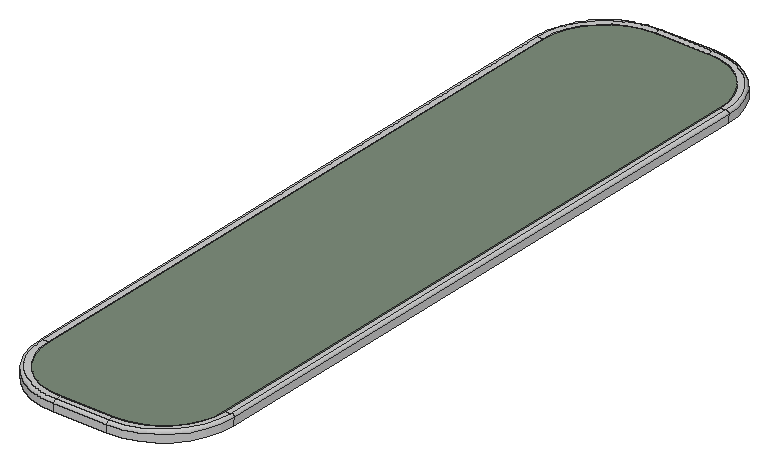
Revit family "71d714d6f0a9448abc0200e2c283adac", category Site, Revit 2021
Family settings
  Round Connector Dimension = Use Diameter
  Part Type = Normal
  Seek Item ID = Parking Island 1-0000-USA-ENU
  Work Plane-Based = No
  Always vertical = No
  Cut with Voids When Loaded = No
  Shared = No
Parameters (values of type "42' x 10'")
  Length = 42' - 0"
  Width = 10' - 0"
Reference planes (in)
  plane 1 "Center (Front/Back)": y = -36
  plane 2: z = 0
  plane 3 "Center (Left/Right)": x = 0
  plane 4: y = 216
  plane 5: y = -288
  plane 6: x = -126
  plane 7: x = -6
  plane 8: x = -132
  plane 9: y = -294
  plane 10: y = 222
  plane 11: x = -66
  plane 12: x = -84
  plane 13: x = -48
Forms (in)
  Sweep 1, solid, material "Concrete, Cast-in-Place gray"
    path origin (0, 0, 0) x (1, 0, 0) y (0, 1, 0)
      loop
        arc (0, 174) -> (-14.05887, 207.94113) -> (-48, 222) r 48
        line (-48, 222) -> (-84, 222)
        arc (-84, 222) -> (-117.94113, 207.94113) -> (-132, 174) r 48
        line (-132, 174) -> (-132, -246)
        arc (-132, -246) -> (-117.94113, -279.94113) -> (-84, -294) r 48
        line (-84, -294) -> (-48, -294)
        arc (-48, -294) -> (-14.05887, -279.94113) -> (0, -246) r 48
        line (0, -246) -> (0, 174)
    profile origin (0, -36, 0) x (1, 0, 0) y (0, 0, 1)
      loop
        line (0, 0) -> (0, 5)
        arc (0, 5) -> (-0.58579, 6.41421) -> (-2, 7) r 2
        line (-2, 7) -> (-6, 7) -> (-6, 0) -> (0, 0)
  Extrusion 2, solid, material "Grass"
    sketch origin (0, 0, 0) x (1, 0, 0) y (0, 1, 0)
      loop
        arc (-126, -246) -> (-113.69848, -275.69848) -> (-84, -288) r 42
        line (-84, -288) -> (-48, -288)
        arc (-48, -288) -> (-18.30152, -275.69848) -> (-6, -246) r 42
        line (-6, -246) -> (-6, 174)
        arc (-6, 174) -> (-18.30152, 203.69848) -> (-48, 216) r 42
        line (-48, 216) -> (-84, 216)
        arc (-84, 216) -> (-113.69848, 203.69848) -> (-126, 174) r 42
        line (-126, 174) -> (-126, -246)
    from 0 to 7
Lines and regions (in)
  symbolic lines, style "Parking Island"
    curve 1: arc (-84, 216, 0) -> (-113.69848, 203.69848, 0) -> (-126, 174, 0) r 42
    curve 2: arc (-6, 174, 0) -> (-18.30152, 203.69848, 0) -> (-48, 216, 0) r 42
    curve 3: line (-48, 216, 0) -> (-84, 216, 0)
    curve 4: line (-6, -246, 0) -> (-6, 174, 0)
    curve 5: line (-126, 174, 0) -> (-126, -246, 0)
    curve 6: line (-84, -288, 0) -> (-48, -288, 0)
    curve 7: arc (-6, -246, 0) -> (-18.30152, -275.69848, 0) -> (-48, -288, 0) r 42
    curve 8: arc (-126, -246, 0) -> (-113.69848, -275.69848, 0) -> (-84, -288, 0) r 42
    curve 9: line (-132, -246, 0) -> (-132, 174, 0)
    curve 10: arc (-132, 174, 0) -> (-117.94113, 207.94113, 0) -> (-84, 222, 0) r 48
    curve 11: line (-84, 222, 0) -> (-48, 222, 0)
    curve 12: arc (-48, 222, 0) -> (-14.05887, 207.94113, 0) -> (0, 174, 0) r 48
    curve 13: line (0, -246, 0) -> (0, 174, 0)
    curve 14: arc (0, -246, 0) -> (-14.05887, -279.94113, 0) -> (-48, -294, 0) r 48
    curve 15: arc (-84, -294, 0) -> (-117.94113, -279.94113, 0) -> (-132, -246, 0) r 48
    curve 16: line (-48, -294, 0) -> (-84, -294, 0)
Dimensions and locks (in)
  "Length": plane 5 to plane 4
  "Width": plane 6 to plane 7
  locked: plane 7 to plane 3 "Center (Left/Right)" at 6
  locked: plane 4 to plane 10 at 6
  locked: plane 8 to plane 6 at 6
  locked: plane 9 to plane 5 at 6
  equal spacing: plane 6, plane 11, plane 7
  equal spacing: plane 5, plane 1 "Center (Front/Back)", plane 4
  locked: plane 6 to plane 12 at 42
  locked: plane 13 to plane 7 at 42
  aligned and locked: plane 9 to Sweep 1 sketch curve
  aligned and locked: plane 10 to Sweep 1 sketch curve
  aligned and locked: Sweep 1 sketch curve to plane 3 "Center (Left/Right)"
  aligned and locked: Sweep 1 sketch curve to plane 8
  aligned and locked: curve 1 to Extrusion 2
  aligned and locked: curve 2 to Extrusion 2
  aligned and locked: curve 10 to Sweep 1
  aligned and locked: curve 14 to Sweep 1
Automatic sketch dimensions
  Sweep 1 sketch curve to level = 0' - 0"
  Sweep 1 sketch curve to profile plane = 0' - 0"
  profile plane to Sweep 1 sketch curve = 0' - 2"
  Sweep 1 sketch curve to Sweep 1 sketch curve = 0' - 4"
  level to Sweep 1 sketch curve = 0' - 5"
  Extrusion 2 sketch curve to plane 12 = 0' - 0"  (x2)
  Extrusion 2 sketch curve to plane 13 = 0' - 0"  (x2)
  Sweep 1 sketch curve to plane 12 = 0' - 0"  (x2)
  Sweep 1 sketch curve to plane 13 = 0' - 0"  (x2)
  Extrusion 2 sketch curve to plane 6 = 0' - 0"
  Extrusion 2 sketch curve to plane 7 = 0' - 0"
  Extrusion 2 sketch curve to plane 5 = 0' - 0"
  Extrusion 2 sketch curve to plane 4 = 0' - 0"
  curve 6 to plane 5 = 0' - 0"
  curve 6 to plane 12 = 0' - 0"
  curve 15 to plane 12 = 0' - 0"
  curve 6 to plane 13 = 0' - 0"
  curve 11 to plane 13 = 0' - 0"
